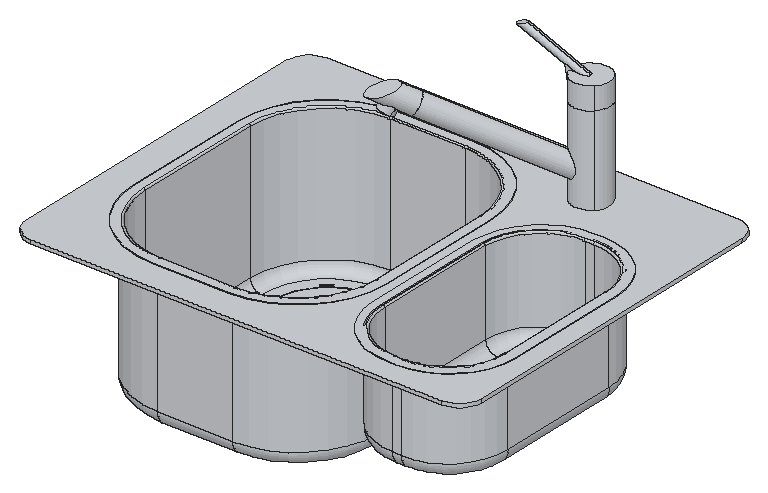
Revit family
Parameters (values of type "615 x 500mm")
  Tap Material = none
  Material = none
  Manufacturer = "Revit"
  Description = "Sink"
  Assembly Code = ""
Reference planes
  plane 1 "Center (Front/Back)": y = 0
  plane 2: z = 0
  plane 3 "Center (Left/Right)": x = 0
  plane 4: y = 197.265
  plane 5: y = 250.228
  plane 6: y = 207.419
  plane 7: y = 197.265
  plane 8: x = -240.416
  plane 9: x = -63.766
  plane 10: z = 850
Forms (mm)
  Sweep 1, solid
    path in 3D
      loop
        arc (-146.386, 159.719, 650) -> (-197.51, 138.543, 650) -> (-218.686, 87.419, 650) r 72.3
        line (-218.686, 87.419, 650) -> (-218.686, -89.355, 650)
        arc (-218.686, -89.355, 650) -> (-197.51, -140.479, 650) -> (-146.386, -161.655, 650) r 72.3
        line (-146.386, -161.655, 650) -> (-45.347, -161.655, 650)
        arc (-45.347, -161.655, 650) -> (5.777, -140.479, 650) -> (26.953, -89.355, 650) r 72.3
        line (26.953, -89.355, 650) -> (26.953, 87.419, 650)
        arc (26.953, 87.419, 650) -> (5.777, 138.543, 650) -> (-45.347, 159.719, 650) r 72.3
        line (-45.347, 159.719, 650) -> (-146.386, 159.719, 650)
    profile origin (-95.867, 0, 0) x (0, -1, 0) y (0, 0, 1)
      loop
        line (-207.419, 850) -> (-207.419, 845) -> (-197.419, 845) -> (-197.419, 665)
        arc (-197.419, 665) -> (-191.561, 650.858) -> (-177.419, 645) r 20
        line (-177.419, 645) -> (-159.719, 645) -> (-159.719, 650) -> (-177.419, 650)
        arc (-177.419, 650) -> (-188.026, 654.393) -> (-192.419, 665) r 15
        line (-192.419, 665) -> (-192.419, 848.011)
        arc (-192.419, 848.011) -> (-193.002, 849.417) -> (-194.408, 850) r 1.989
        line (-194.408, 850) -> (-207.419, 850)
  Extrusion 2, solid
    sketch origin (0, 0, 650) x (1, 0, 0) y (0, 1, 0)
      loop
        line (-307.5, 220.228) -> (-307.5, -219.772)
        arc (-307.5, -219.772) -> (-298.713, -240.985) -> (-277.5, -249.772) r 30
        line (-277.5, -249.772) -> (277.5, -249.772)
        arc (277.5, -249.772) -> (298.713, -240.985) -> (307.5, -219.772) r 30
        line (307.5, -219.772) -> (307.5, 220.228)
        arc (307.5, 220.228) -> (298.713, 241.441) -> (277.5, 250.228) r 30
        line (277.5, 250.228) -> (-277.5, 250.228)
        arc (-277.5, 250.228) -> (-298.713, 241.441) -> (-307.5, 220.228) r 30
      loop
        arc (-146.386, 207.419) -> (-231.239, 172.272) -> (-266.386, 87.419) r 120
        line (-266.386, 87.419) -> (-266.386, -89.355)
        arc (-266.386, -89.355) -> (-231.239, -174.208) -> (-146.386, -209.355) r 120
        line (-146.386, -209.355) -> (-45.347, -209.355)
        arc (-45.347, -209.355) -> (39.506, -174.208) -> (74.653, -89.355) r 120
        line (74.653, -89.355) -> (74.653, 87.419)
        arc (74.653, 87.419) -> (39.506, 172.272) -> (-45.347, 207.419) r 120
        line (-45.347, 207.419) -> (-146.386, 207.419)
      loop
        line (98.717, 41.084) -> (98.717, -129.355)
        arc (98.717, -129.355) -> (122.149, -185.924) -> (178.717, -209.355) r 80
        line (178.717, -209.355) -> (190.904, -209.355)
        arc (190.904, -209.355) -> (247.472, -185.924) -> (270.904, -129.355) r 80
        line (270.904, -129.355) -> (270.904, 41.084)
        arc (270.904, 41.084) -> (247.472, 97.653) -> (190.904, 121.084) r 80
        line (190.904, 121.084) -> (178.717, 121.084)
        arc (178.717, 121.084) -> (122.149, 97.653) -> (98.717, 41.084) r 80
    from 195 to 200
  Extrusion 3, solid
    sketch origin (0, 0, 650) x (1, 0, 0) y (0, 1, 0)
      loop
        circle (-93.299, 112.286) r 40
      loop
        arc (-146.386, 164.719) -> (-201.046, 142.078) -> (-223.686, 87.419) r 77.3
        line (-223.686, 87.419) -> (-223.686, -89.355)
        arc (-223.686, -89.355) -> (-201.046, -144.015) -> (-146.386, -166.655) r 77.3
        line (-146.386, -166.655) -> (-45.347, -166.655)
        arc (-45.347, -166.655) -> (9.312, -144.015) -> (31.953, -89.355) r 77.3
        line (31.953, -89.355) -> (31.953, 87.419)
        arc (31.953, 87.419) -> (9.312, 142.078) -> (-45.347, 164.719) r 77.3
        line (-45.347, 164.719) -> (-146.386, 164.719)
    from -5 to 0
  Sweep 4, solid
    path origin (-497.535, 135.152, 850) x (0, -1, 0) y (1, 0, 0)
      loop
        arc (264.507, 596.252) -> (321.076, 619.683) -> (344.507, 676.252) r 80
        line (344.507, 676.252) -> (344.507, 688.439)
        arc (344.507, 688.439) -> (321.076, 745.007) -> (264.507, 768.439) r 80
        line (264.507, 768.439) -> (94.068, 768.439)
        arc (94.068, 768.439) -> (37.499, 745.007) -> (14.068, 688.439) r 80
        line (14.068, 688.439) -> (14.068, 676.252)
        arc (14.068, 676.252) -> (37.499, 619.683) -> (94.068, 596.252) r 80
        line (94.068, 596.252) -> (264.507, 596.252)
    profile origin (0, -44.136, 0) x (-1, 0, 0) y (0, 0, 1)
      loop
        line (-88.717, 850) -> (-101.728, 850)
        arc (-101.728, 850) -> (-103.135, 849.417) -> (-103.717, 848.011) r 1.989
        line (-103.717, 848.011) -> (-103.717, 735)
        arc (-103.717, 735) -> (-108.111, 724.393) -> (-118.717, 720) r 15
        line (-118.717, 720) -> (-136.417, 720) -> (-136.417, 715) -> (-118.717, 715)
        arc (-118.717, 715) -> (-104.575, 720.858) -> (-98.717, 735) r 20
        line (-98.717, 735) -> (-98.717, 845) -> (-88.717, 845) -> (-88.717, 850)
  Extrusion 5, solid
    sketch origin (279.219, -157.101, 650) x (1, 0, 0) y (0, 1, 0)
      loop
        circle (-93.299, 112.286) r 40
      loop
        line (-142.802, 198.185) -> (-142.802, 27.746)
        arc (-142.802, 27.746) -> (-130.412, -2.165) -> (-100.502, -14.554) r 42.3
        line (-100.502, -14.554) -> (-88.315, -14.554)
        arc (-88.315, -14.554) -> (-58.405, -2.165) -> (-46.015, 27.746) r 42.3
        line (-46.015, 27.746) -> (-46.015, 198.185)
        arc (-46.015, 198.185) -> (-58.405, 228.096) -> (-88.315, 240.485) r 42.3
        line (-88.315, 240.485) -> (-100.502, 240.485)
        arc (-100.502, 240.485) -> (-130.412, 228.096) -> (-142.802, 198.185) r 42.3
    from 65 to 70
Lines and regions (mm)
  symbolic lines
    curve 1: line (-277.5, 250.228, 0) -> (277.5, 250.228, 0)
    curve 2: arc (277.5, 250.228, 0) -> (298.713, 241.441, 0) -> (307.5, 220.228, 0) r 30
    curve 3: line (307.5, 220.228, 0) -> (307.5, -219.772, 0)
    curve 4: arc (307.5, -219.772, 0) -> (298.713, -240.985, 0) -> (277.5, -249.772, 0) r 30
    curve 5: line (277.5, -249.772, 0) -> (-277.5, -249.772, 0)
    curve 6: arc (-277.5, -249.772, 0) -> (-298.713, -240.985, 0) -> (-307.5, -219.772, 0) r 30
    curve 7: line (-307.5, -219.772, 0) -> (-307.5, 220.228, 0)
    curve 8: arc (-307.5, 220.228, 0) -> (-298.713, 241.441, 0) -> (-277.5, 250.228, 0) r 30
    curve 9: line (-277.5, 235.228, 0) -> (277.5, 235.228, 0)
    curve 10: arc (277.5, 235.228, 0) -> (288.107, 230.835, 0) -> (292.5, 220.228, 0) r 15
    curve 11: line (292.5, 220.228, 0) -> (292.5, -219.772, 0)
    curve 12: arc (292.5, -219.772, 0) -> (288.107, -230.379, 0) -> (277.5, -234.772, 0) r 15
    curve 13: line (277.5, -234.772, 0) -> (-277.5, -234.772, 0)
    curve 14: arc (-277.5, -234.772, 0) -> (-288.107, -230.379, 0) -> (-292.5, -219.772, 0) r 15
    curve 15: line (-292.5, -219.772, 0) -> (-292.5, 220.228, 0)
    curve 16: arc (-292.5, 220.228, 0) -> (-288.107, 230.835, 0) -> (-277.5, 235.228, 0) r 15
    curve 17: line (-146.386, 207.419, 0) -> (-45.347, 207.419, 0)
    curve 18: arc (-45.347, 207.419, 0) -> (39.506, 172.272, 0) -> (74.653, 87.419, 0) r 120
    curve 19: line (74.653, 87.419, 0) -> (74.653, -89.355, 0)
    curve 20: arc (74.653, -89.355, 0) -> (39.506, -174.208, 0) -> (-45.347, -209.355, 0) r 120
    curve 21: line (-45.347, -209.355, 0) -> (-146.386, -209.355, 0)
    curve 22: arc (-146.386, -209.355, 0) -> (-231.239, -174.208, 0) -> (-266.386, -89.355, 0) r 120
    curve 23: line (-266.386, -89.355, 0) -> (-266.386, 87.419, 0)
    curve 24: arc (-266.386, 87.419, 0) -> (-231.239, 172.272, 0) -> (-146.386, 207.419, 0) r 120
    curve 25: arc (-33.442, 112.286, 0) -> (-93.299, 172.142, 0) -> (-153.155, 112.286, 0) r 59.856
    curve 26: arc (-153.155, 112.286, 0) -> (-93.299, 52.429, 0) -> (-33.442, 112.286, 0) r 59.856
    curve 27: arc (-45.865, 112.286, 0) -> (-93.299, 159.719, 0) -> (-140.732, 112.286, 0) r 47.433
    curve 28: arc (-140.732, 112.286, 0) -> (-93.299, 64.852, 0) -> (-45.865, 112.286, 0) r 47.433
    curve 29: arc (98.717, 41.084, 0) -> (122.149, 97.653, 0) -> (178.717, 121.084, 0) r 80
    curve 30: line (178.717, 121.084, 0) -> (190.904, 121.084, 0)
    curve 31: arc (190.904, 121.084, 0) -> (247.472, 97.653, 0) -> (270.904, 41.084, 0) r 80
    curve 32: line (270.904, 41.084, 0) -> (270.904, -129.355, 0)
    curve 33: arc (270.904, -129.355, 0) -> (247.472, -185.924, 0) -> (190.904, -209.355, 0) r 80
    curve 34: line (190.904, -209.355, 0) -> (178.717, -209.355, 0)
    curve 35: arc (178.717, -209.355, 0) -> (122.149, -185.924, 0) -> (98.717, -129.355, 0) r 80
    curve 36: line (98.717, -129.355, 0) -> (98.717, 41.084, 0)
    curve 37: arc (126.064, -44.815, 0) -> (185.92, -104.671, 0) -> (245.777, -44.815, 0) r 59.856
    curve 38: arc (245.777, -44.815, 0) -> (185.92, 15.041, 0) -> (126.064, -44.815, 0) r 59.856
    curve 39: arc (138.487, -44.815, 0) -> (185.92, -92.248, 0) -> (233.354, -44.815, 0) r 47.433
    curve 40: arc (233.354, -44.815, 0) -> (185.92, 2.618, 0) -> (138.487, -44.815, 0) r 47.433
    curve 41: arc (108.857, 185.65, 0) -> (126.927, 167.58, 0) -> (144.997, 185.65, 0) r 18.07
    curve 42: arc (144.997, 185.65, 0) -> (126.927, 203.72, 0) -> (108.857, 185.65, 0) r 18.07
    curve 43: line (-93.299, 130.345, 0) -> (-93.299, 186.778, 0)
    curve 44: line (-75.24, 112.286, 0) -> (-18.806, 112.286, 0)
    curve 45: line (-111.357, 112.286, 0) -> (-167.791, 112.286, 0)
    curve 46: line (-93.299, 94.227, 0) -> (-93.299, 37.793, 0)
    curve 47: line (185.92, -26.756, 0) -> (185.92, 29.678, 0)
    curve 48: line (167.862, -44.815, 0) -> (111.428, -44.815, 0)
    curve 49: line (203.979, -44.815, 0) -> (260.413, -44.815, 0)
    curve 50: line (185.92, -62.874, 0) -> (185.92, -119.308, 0)
  sketch lines
    curve 51: line (-45.347, 159.719, 650) -> (-146.386, 159.719, 650)
    curve 52: arc (-45.347, 159.719, 650) -> (5.777, 138.543, 650) -> (26.953, 87.419, 650) r 72.3
    curve 53: line (26.953, -89.355, 650) -> (26.953, 87.419, 650)
    curve 54: arc (26.953, -89.355, 650) -> (5.777, -140.479, 650) -> (-45.347, -161.655, 650) r 72.3
    curve 55: line (-146.386, -161.655, 650) -> (-45.347, -161.655, 650)
    curve 56: arc (-146.386, -161.655, 650) -> (-197.51, -140.479, 650) -> (-218.686, -89.355, 650) r 72.3
    curve 57: line (-218.686, 87.419, 650) -> (-218.686, -89.355, 650)
    curve 58: arc (-218.686, 87.419, 650) -> (-197.51, 138.543, 650) -> (-146.386, 159.719, 650) r 72.3
Dimensions and locks
  aligned and locked: plane 10 to nested 1
  aligned and locked: Sweep 4 to Extrusion 5  (x2)
Nested families
  nested 1: "Tap" at (128.964, 188.125, 850) x (0.7547, -0.6561, 0) z (0, 0, 1), type "Tap"
Definition of nested family "Tap"
  Parameters
    Tap Material = none
  Reference planes
    plane 1 "Center (Front/Back)": y = 0
    plane 2: z = 0
    plane 3 "Center (Left/Right)": x = 0
    plane 4: z = 50
    plane 5: z = 150
    plane 6: through (0, 6.419, 11.669) normal (0, -0.482, -0.8762)
    plane 7 "1": through (0, 0, 0) normal (-0.7071, 0.7071, 0)
  Forms (mm)
    Extrusion 1, solid, material <- "Tap Material"
      sketch origin (0, 0, 0) x (1, 0, 0) y (0, 1, 0)
        loop
          circle (0, 0) r 25
      from 0 to 120
    Extrusion 2, solid, material <- "Tap Material"
      sketch origin (0, 0, 120) x (1, 0, 0) y (0, 1, 0)
        loop
          circle (0, 0) r 25
      from 0 to 30
    Sweep 3, solid, material <- "Tap Material"
      path origin (0, 0, 0) x (0, 1, 0) y (0, 0, 1)
        loop
          line (-7.059, 38.349) -> (-187.156, 137.42)
      profile origin (0, -111.663, 61.425) x (0, -0.481984, -0.87618) y (1, 0, 0)
        loop
          circle (-28.318, 0) r 15
    Sweep 4, solid, material <- "Tap Material"
      path origin (0, 0, 0) x (0, 1, 0) y (0, 0, 1)
        loop
          line (-188.063, 135.772) -> (-236.252, 162.281)
      profile origin (0, -225.806, 124.215) x (0, -0.481984, -0.87618) y (1, 0, 0)
        loop
          circle (-28.318, 0) r 15
    Extrusion 5, void
      sketch origin (0, 0, 0) x (0, -1, 0) y (0, 0, 1)
        loop
          line (202.737, 160.964) -> (243.482, 149.139) -> (229.023, 175.424) -> (202.737, 160.964)
      from -54.803 to 30
    Extrusion 6, solid, material <- "Tap Material"
      sketch origin (0, 6.419, 11.669) x (0, -0.87618, 0.481984) y (-1, 0, 0)
        loop
          circle (255.217, 0) r 11
      from -7.514 to 6.121
    Sweep 7, solid, material <- "Tap Material"
      path origin (0, 0, 0) x (-0.707107, -0.707107, 0) y (0, 0, 1)
        loop
          line (1.612, 146.811) -> (92.243, 189.073)
      profile origin (-72.741, -72.741, 47.97) x (0.298836, 0.298836, 0.906308) y (-0.707107, 0.707107, 0)
        loop
          circle (131.377, 0) r 5
    Extrusion 8, solid, material <- "Tap Material"
      sketch origin (0, 0, 0) x (-0.707107, -0.707107, 0) y (0, 0, 1)
        loop
          line (30.984, 158.177) -> (9.675, 150.421) -> (9.675, 133.671) -> (26.663, 133.671) -> (30.984, 158.177)
      from -4.433 to 4.388
    Extrusion 9, void
      sketch origin (0, 0, 0) x (0.707107, 0.707107, 0) y (0, 0, 1)
        loop
          line (-99.984, 182.242) -> (-73.884, 189.236) -> (-99.984, 198.735) -> (-99.984, 182.242)
      from -20.858 to 30
  Cuts and joins
    Extrusion 5, Extrusion 9 cuts Extrusion 1
    Extrusion 5, Extrusion 9 cuts Sweep 3
    joined: Extrusion 1, Sweep 3
    Extrusion 5, Extrusion 9 cuts Extrusion 2
    Extrusion 9 cuts Sweep 7
    Extrusion 9 cuts Extrusion 8
    joined: Extrusion 2, Sweep 7, Extrusion 8
    Extrusion 5, Extrusion 9 cuts Sweep 4
    Extrusion 9 cuts Extrusion 6
    joined: Sweep 4, Extrusion 6
